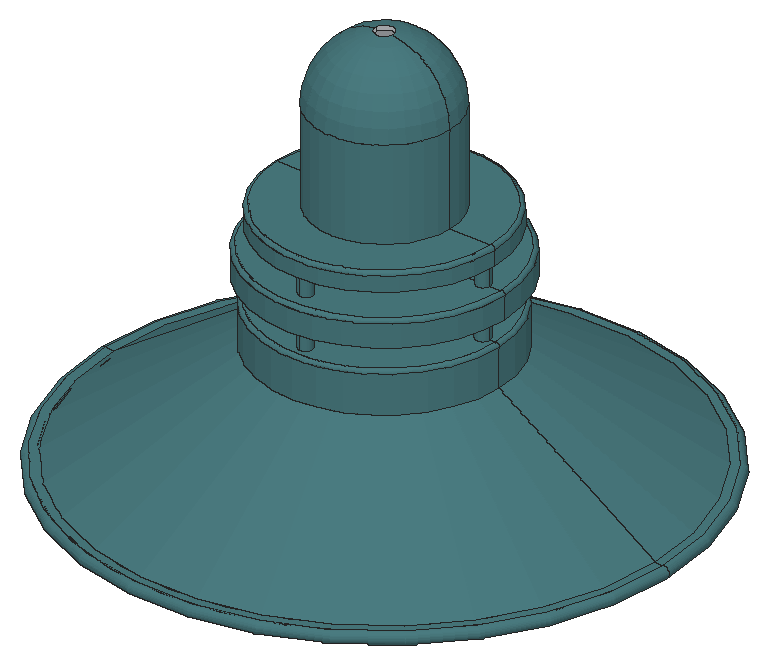
Revit family "L116 SHADE", category Lighting Fixtures, Revit 2024
Family settings
  Round Connector Dimension = Use Diameter
  Part Type = Normal
  OmniClass Number = 23.80.70.00
  OmniClass Title = Lighting
  Work Plane-Based = No
  Always vertical = Yes
  Cut with Voids When Loaded = No
  Light Source = Yes
  Maintain Annotation Orientation = No
  Shared = No
  Room Calculation Point = No
Parameters
  Wattage = 12.1178 W
  built-in parameter 1150110 = 1 (stored number, unit not read)
  built-in parameter 1114217 = 1 (stored number, unit not read)
  built-in parameter 1150109 = 1 (stored number, unit not read)
  built-in parameter 1150134 = (empty or 0)
  built-in parameter 1150113 = 1 (stored number, unit not read)
  Lumens = 1800 lm
  built-in parameter 1150115 = 1 (stored number, unit not read)
  built-in parameter 1150105 = 572.96 (stored number, unit not read)
  Light Source Symbol Size = 2' - 0"
  built-in parameter 1150137 = (empty or 0)
  built-in parameter 1150139 = (empty or 0)
  built-in parameter 1150112 = 1 (stored number, unit not read)
  built-in parameter 1150114 = 1 (stored number, unit not read)
  built-in parameter 1150132 = 2
  built-in parameter 1150102 = (empty or 0)
  built-in parameter 1150138 = (empty or 0)
  built-in parameter 1150107 = 3000 (stored number, unit not read)
  built-in parameter 1150106 = 5.7296 (stored number, unit not read)
  built-in parameter 1150104 = 13.8 (stored number, unit not read)
  Dimming Lamp Color Temperature Shift = (empty or 0)
  Default Elevation = 0' - 0"
  Color Filter = 16777215
  built-in parameter 1114218 = 1 (stored number, unit not read)
  built-in parameter 1150133 = 10 (stored number, unit not read)
Reference planes (in)
  plane 1 "Light Source Axis (F/B)": y = 0
  plane 2: z = 0
  plane 3 "Light Source Axis (L/R)": x = 0
  plane 4 "Light Source Elevation": z = 54
Forms (in)
  Revolve 1, solid
    sketch origin (0, 0, 1.04603) x (1, 0, 0) y (0, 0, 1)
      loop
        line (-3.22625, 56.12573) -> (-7.59233, 53.27597) -> (-7.839, 53.27597)
        arc (-7.839, 53.27597) -> (-7.95528, 53.00361) -> (-7.67814, 53.10801) r 0.161
        line (-7.67814, 53.10801) -> (-3.1325, 56.07497) -> (-3.1325, 57.15674) -> (-2.14731, 57.15674) -> (-2.14731, 57.25049) -> (-3.12625, 57.25049)
        arc (-3.12625, 57.25049) -> (-3.19696, 57.2212) -> (-3.22625, 57.15049) r 0.1
        line (-3.22625, 57.15049) -> (-3.22625, 56.12573)
      loop
        line (-3.38733, 57.91135) -> (-3.29358, 57.91135) -> (-3.29358, 58.5176) -> (-2.14731, 58.5176) -> (-2.14731, 58.61135) -> (-3.28733, 58.61135)
        arc (-3.28733, 58.61135) -> (-3.35804, 58.58206) -> (-3.38733, 58.51135) r 0.1
        line (-3.38733, 58.51135) -> (-3.38733, 57.91135)
      loop
        line (-3.1, 59.15423) -> (-3.00625, 59.15423) -> (-3.00625, 59.56048) -> (-1.75625, 59.56048) -> (-1.75625, 62.15)
        arc (-1.75625, 62.15) -> (-1.3273, 63.30008) -> (-0.25, 63.88837) r 1.75625
        line (-0.25, 63.88837) -> (-0.25, 63.98303)
        arc (-0.25, 63.98303) -> (-1.39374, 63.36655) -> (-1.85, 62.15) r 1.85
        line (-1.85, 62.15) -> (-1.85, 59.65423) -> (-3, 59.65423)
        arc (-3, 59.65423) -> (-3.07071, 59.62494) -> (-3.1, 59.55423) r 0.1
        line (-3.1, 59.55423) -> (-3.1, 59.15423)
      loop
        line (0, 53.24878) -> (0, 53.34253)
        arc (0, 53.34253) -> (-1.06508, 53.7837) -> (-1.50625, 54.84878) r 1.50625
        line (-1.50625, 54.84878) -> (-1.50625, 59.34878) -> (-1.6, 59.34878) -> (-1.6, 54.84878)
        arc (-1.6, 54.84878) -> (-1.13137, 53.71741) -> (0, 53.24878) r 1.6
      axis (0, 63.98303) -> (0, 53.10801)
    angle from 0 to 360
  Sweep 2, solid
    path origin (0, 0, 1.04603) x (1, 0, 0) y (0, 0, 1)
      loop
        line (-2.76936, 57.25049) -> (-2.76936, 59.56048)
    profile origin (-2.76936, 0, 59.45152) x (-1, 0, 0) y (0, -1, 0)
      loop
        circle (0, 0) r 0.1875
  Sweep 3, solid
    path origin (0, 0, 1.04603) x (0, -1, 0) y (0, 0, 1)
      loop
        line (-2.76936, 57.25049) -> (-2.76936, 59.56048)
    profile origin (0, 2.76936, 59.45152) x (0, 1, 0) y (-1, 0, 0)
      loop
        circle (0, 0) r 0.1875
  Sweep 4, solid
    path origin (0, 0, 1.04603) x (0, 1, 0) y (0, 0, 1)
      loop
        line (-2.76936, 57.25049) -> (-2.76936, 59.56048)
    profile origin (0, -2.76936, 59.45152) x (0, -1, 0) y (1, 0, 0)
      loop
        circle (0, 0) r 0.1875
  Sweep 5, solid
    path origin (0, 0, 1.04603) x (-1, 0, 0) y (0, 0, 1)
      loop
        line (-2.76936, 57.25049) -> (-2.76936, 59.56048)
    profile origin (2.76936, 0, 59.45152) x (1, 0, 0) y (0, 1, 0)
      loop
        circle (0, 0) r 0.1875
Dimensions and locks (in)
  aligned and locked: plane 3 "Light Source Axis (L/R)" to imposter light
  aligned and locked: plane 1 "Light Source Axis (F/B)" to imposter light
  aligned and locked: plane 4 "Light Source Elevation" to imposter light
  aligned and locked: level to plane 2
